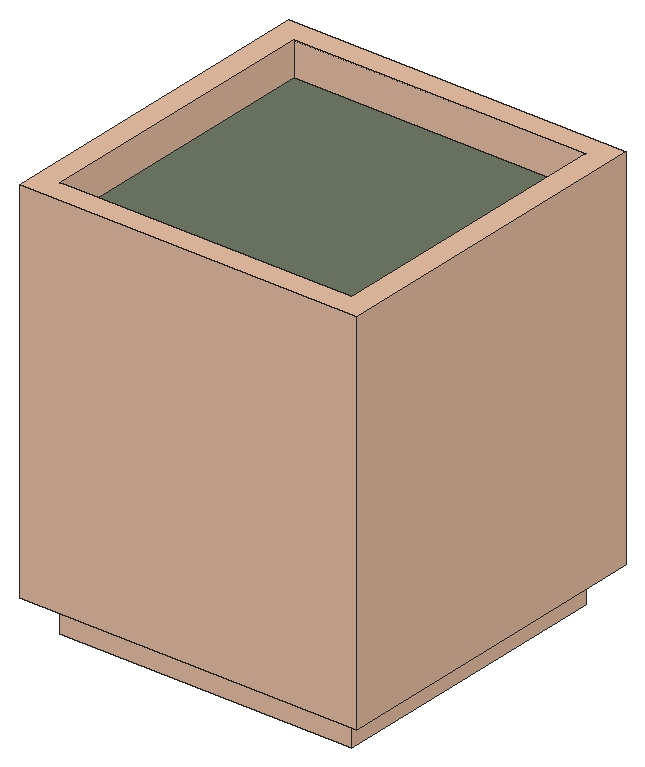
Revit family "1509551684974-Ceramic planter", category Site, Revit 2012
Parameters (values of type "2' 6" x 2' 6"")
  Planter = Ceramic
  Inside = Grass
  Length = 2' - 6"
  Height = 3' - 0"
  Depth = 2' - 6"
Types (4): name | Length
  (no name) | 2' - 6"
  2' 6" x 2' 6" | 2' - 6"
  4' 6" x 2' 6" | 4' - 6"
  6' 9" x 2' 6" | 6' - 9"
Reference planes (in)
  plane 1 "Center (Front/Back)": y = 0
  plane 2: z = 0
  plane 3 "Center (Left/Right)": x = 0
  plane 4: x = -15
  plane 5: x = 15
  plane 6: y = 15
  plane 7: y = -15
Forms (in)
  Extrusion 1, solid, material "Ceramic" <- "Planter"
    sketch origin (0, 0, 0) x (1, 0, 0) y (0, 1, 0)
      loop
        line (-13, 13) -> (-13, -13) -> (13, -13) -> (13, 13) -> (-13, 13)
    from 0 to 3
  Extrusion 2, solid
    sketch origin (0, 0, 3) x (1, 0, 0) y (0, 1, 0)
      loop
        line (-11, 11) -> (-11, -11) -> (11, -11) -> (11, 11) -> (-11, 11)
    from 0 to 3
  Extrusion 3, solid, material "Grass" <- "Inside"
    sketch origin (0, 0, 6) x (1, 0, 0) y (0, 1, 0)
      loop
        line (-13, 13) -> (-13, -13) -> (13, -13) -> (13, 13) -> (-13, 13)
    from 0 to 27
  Sweep 4, solid, material "Ceramic" <- "Planter"
    path origin (0, 0, 3) x (1, 0, 0) y (0, 1, 0)
      loop
        line (-13, 13) -> (-13, -13) -> (13, -13) -> (13, 13) -> (-13, 13)
    profile origin (-13, 0, 3) x (1, 0, 0) y (0, 0, 1)
      loop
        line (2, 0) -> (2, 3) -> (0, 3) -> (0, 33) -> (-2, 33) -> (-2, 0) -> (2, 0)
Dimensions and locks (in)
  "Height": Sweep 4 to Extrusion 1
  locked: Sweep 4 to Extrusion 3 at 3
  "Length": plane 4 to plane 5
  "Depth": plane 7 to plane 6
  equal spacing: plane 7, plane 1 "Center (Front/Back)", plane 6
  equal spacing: plane 4, plane 3 "Center (Left/Right)", plane 5
  aligned and locked: Extrusion 1 to level
Automatic sketch dimensions
  Extrusion 1 sketch curve to plane 4 = 0' - 2"
  plane 5 to Extrusion 1 sketch curve = 0' - 2"
  plane 7 to Extrusion 1 sketch curve = 0' - 2"
  plane 6 to Extrusion 1 sketch curve = 0' - 2"
  Extrusion 2 sketch curve to Extrusion 1 = 0' - 2"  (x4)
  Extrusion 2 to Extrusion 3 sketch curve = 0' - 2"  (x4)
  Sweep 4 sketch curve to Extrusion 1 = 0' - 0"  (x4)
  Sweep 4 sketch curve to profile plane = 0' - 0"
  profile plane to Sweep 4 sketch curve = 0' - 0"
  profile plane to Sweep 4 sketch curve = 0' - 2"
  Sweep 4 sketch curve to profile plane = 0' - 2"
  profile plane to Sweep 4 sketch curve = 0' - 3"
  Sweep 4 sketch curve to Sweep 4 sketch curve = 2' - 6"
